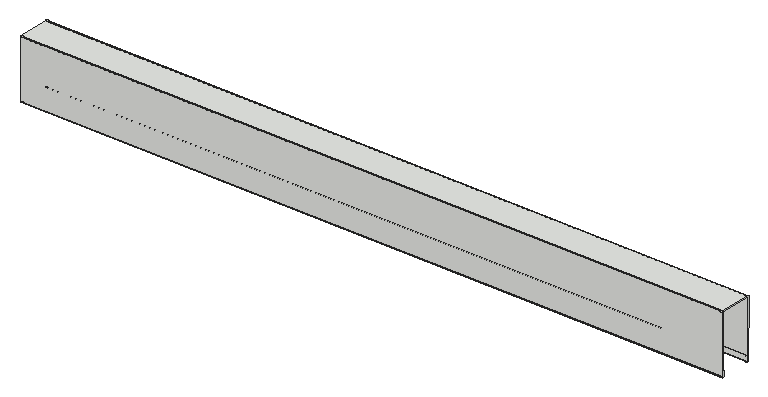
Revit family "PR742", category Mechanical Equipment, Revit 2018
Family settings
  Round Connector Dimension = Use Diameter
  Part Type = Normal
  OmniClass Number = 23.75.00.00
  OmniClass Title = Climate Control (HVAC)
  Work Plane-Based = No
  Always vertical = Yes
  Cut with Voids When Loaded = No
  Shared = No
  Room Calculation Point = No
Parameters (values of type "ISOLAMIN PR742 flashing")
  URL = "http://www.isolamin.se/"
  Thickness = "1 mm"
  Profile Length = 1180 mm
  Model = "PR742"
  Material = "Galvanized Steel"
  Manufacturer = "ISOLAMIN AB"
  Edition = "1.0 (2018)"
Reference planes
  plane 1 "Center (Front/Back)": y = 0
  plane 2: z = 0
  plane 3 "Center (Left/Right)": x = 0
  plane 4: y = -1284.913
  plane 5: x = 1180
Forms (mm)
  Extrusion 1, solid, material "ISOLAMIN Surface Profile Material"
    sketch origin (0, 0, 0) x (0, 1, 0) y (0, 0, 1)
      loop
        arc (-53, 100.035) -> (-53.707, 99.742) -> (-54, 99.035) r 1
        line (-54, 99.035) -> (-54, 1.035)
        arc (-54, 1.035) -> (-53, 0.035) -> (-52, 1.035) r 1
        line (-52, 1.035) -> (-52, 10.035) -> (-53, 10.035) -> (-53, 99.035) -> (-1, 99.035) -> (-1, 10.035) -> (-2, 10.035) -> (-2, 1.035)
        arc (-2, 1.035) -> (-1, 0.035) -> (0, 1.035) r 1
        line (0, 1.035) -> (0, 99.035)
        arc (0, 99.035) -> (-0.293, 99.742) -> (-1, 100.035) r 1
        line (-1, 100.035) -> (-53, 100.035)
    from 0 to 1180
Dimensions and locks
  "Profile Length": plane 3 "Center (Left/Right)" to plane 5
  aligned and locked: level to plane 2
  aligned and locked: plane 5 to Extrusion 1
Automatic sketch dimensions
  plane 1 "Center (Front/Back)" to Extrusion 1 sketch curve = 0 mm
  Extrusion 1 sketch curve to Extrusion 1 sketch curve = 1 mm  (x3)
  Extrusion 1 sketch curve to Extrusion 1 sketch curve = 0 mm  (x3)
  level to Extrusion 1 sketch curve = 10.035 mm  (x2)
  Extrusion 1 sketch curve to Extrusion 1 sketch curve = 50 mm
  Extrusion 1 sketch curve to Extrusion 1 sketch curve = 52 mm
  level to Extrusion 1 sketch curve = 1.035 mm  (x2)
  Extrusion 1 sketch curve to Extrusion 1 sketch curve = 89 mm
